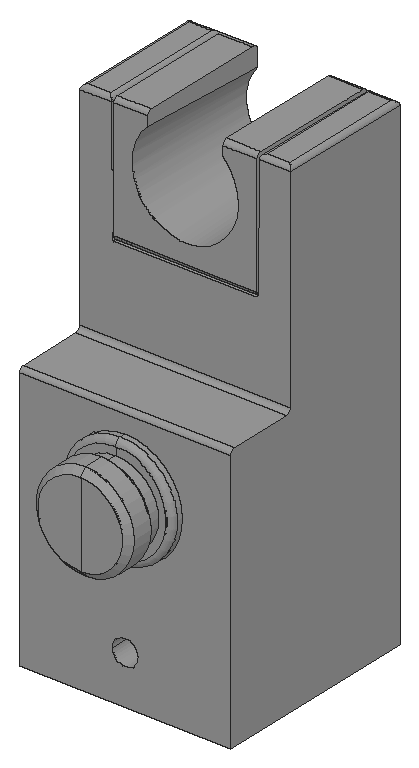
Revit family "Shower-Wall_Supply_Elbow-KOHLER-BEITOU-K-26310T", category Plumbing Fixtures, host Face, Revit 2017
Family settings
  Host = Face
  Round Connector Dimension = Use Diameter
  Part Type = Normal
  OmniClass Number = 23.31.17.00
  OmniClass Title = Showers
  Cut with Voids When Loaded = No
  Shared = No
  Room Calculation Point = No
Parameters (values of type "Not A Type - See Type Catalog")
  Width = 1.77165"  # constant formula
  WaterSense Certified = 1 = 0  # no
  Waste Water Outlet = "Waste Water Outlet"  # constant formula
  Waste Connection = 1 = 0  # no
  Vent Connection = 1 = 0  # no
  URL = "http://www.kohler.com.cn/"
  Type = 0
  Product Page URL = ""
  Product Name = "BEITOU\r\n"  # constant formula
  Product Documentation Link = ""
  Pressure = 0.00 psi
  Model = if(Type = 1, "K-26310T-CP", if(Type = 2, "K-26310T-2MB", if(Type = 3, "K-26310T-AF", if(Type = 4, "K-26310T-BL", if(Type = 5, "K-26310T-BN", if(Type = 6, "K-26310T-RGD", if(Type = 7, "K-26310T-SN", "NA")))))))  # "NA"
  Material = "Premium Metal Construction"  # constant formula
  Master Format 2014 Name = "Residential Showers"  # constant formula
  Master Format 2014 = "22 42 23"  # constant formula
  Manufacturer Address = "Kohler Beijing Office (100016) 36-2-03-B, No. 88, Liuxiang Road, Beijing"  # constant formula
  Manufacturer = "KOHLER Co."  # constant formula
  Length = 4.09449"  # constant formula
  Hot Water Inlet = "Hot Water Inlet"  # constant formula
  Height = 2.24409"  # constant formula
  HW Connection = 1 = 1  # yes
  Flow Rate = 0 GPM
  Finish = Default
  Environmental Product Declaration = ""
  Drain Included = 1 = 0  # no
  Description = "WALL SUPPLY"  # constant formula
  Default Elevation = 42"
  Declare Label = ""
  Date Modified = "02/09/2020"  # constant formula
  Date Created = "02/09/2020"  # constant formula
  Copyright = "Copyright KOHLER Co."  # constant formula
  Contact Us = "http://www.kohler.com.cn/contact/contact-us/"
  Cold Water Inlet = "Cold Water Inlet"  # constant formula
  CW Connection = 1 = 0  # no
  Assembly Code = "D2010700"
  ADA Compliant = 1 = 0  # no
Reference planes (in)
  plane 1 "Center (Front/Back)": y = 0
  plane 2: z = 0
  plane 3 "Center (Left/Right)": x = 0
  plane 4: x = -0.88583
  plane 5: x = 0.88583
  plane 6: y = -1.35792
  plane 7: y = -0.88548
  plane 8: y = -0.25556
  plane 9: y = 0.88617
  plane 10: z = 4.09449
  plane 11: z = 1.57874
  plane 12: z = 2.24135
  plane 13: z = 0.40945
Dimensions and locks (in)
  "Height": plane 9 to plane 6
  "Width": plane 4 to plane 5
  "Length": plane 10 to level
  plane 12 to level = 2.24135"
  plane 11 to level = 1.57874"
  plane 13 to level = 0.40945"
  aligned and locked: plane 2 to host face
  aligned and locked: level to host face
Automatic sketch dimensions
  host sketch curve to host sketch curve = 96"  (x2)
Nested families (in)
  nested 1: "K-26310T" at (0, 0, 0), type "K-26310T"
Connectors (in)
  piping at (0, 0, 0), diameter 0.5, driven by "Flow Rate", driven by "HW Connection", driven by "Hot Water Inlet"
    settings: on nested 1, index 1, connector inside diameter 24", connector length 0", flow factor 0, pipe flow 0 GPM, pressure drop 0.00 psi, fitting loss kfactor 0, connector angle 0.00°, fixture units 0, engagement length 0", angle of deflection 0.00°, flow configuration 0, flow direction 1, fitting loss method 0, system type 19, joint type 0, gender type 0, connector reference index -1, connector utility 1, adjustable connector no, is connector primary yes, connector description "Hot Water Inlet"
Definition of nested family "K-26310T"
  Parameters (values of type "K-26310T")
    Material = none
  Reference planes (in)
    plane 1 "Center (Front/Back)": y = 0
    plane 2: z = 0
    plane 3 "Center (Left/Right)": x = 0
    plane 4: y = 0.88617
    plane 5: y = -0.88548
    plane 6: y = -0.25556
    plane 7: y = -1.35792
    plane 8: z = 1.57874
    plane 9: z = 4.09449
    plane 10: z = 2.24135
    plane 11: x = -0.88583
    plane 12: x = 0.88583
    plane 13: z = 0.40945
  Forms (in)
    Extrusion 1, solid, material <- "Material", detail levels medium+fine
      sketch origin (0, 0, 0) x (0, 1, 0) y (0, 0, 1)
        loop
          line (0.8468, 4.09449) -> (-0.21619, 4.09449)
          arc (-0.21619, 4.09449) -> (-0.24403, 4.08296) -> (-0.25556, 4.05512) r 0.03937
          line (-0.25556, 4.05512) -> (-0.25556, 2.28312)
          arc (-0.25556, 2.28312) -> (-0.26697, 2.25541) -> (-0.29459, 2.24375) r 0.03937
          line (-0.29459, 2.24375) -> (-0.84646, 2.23894)
          arc (-0.84646, 2.23894) -> (-0.87407, 2.22729) -> (-0.88548, 2.19957) r 0.03937
          line (-0.88548, 2.19957) -> (-0.88548, 0) -> (0.88617, 0) -> (0.88617, 4.05512)
          arc (0.88617, 4.05512) -> (0.87464, 4.08296) -> (0.8468, 4.09449) r 0.03937
      from -0.88548 to 0.88548
    Extrusion 2, void
      sketch origin (0, 0, 0) x (1, 0, 0) y (0, 0, 1)
        loop
          line (0.61331, 3.03278) -> (0.62045, 4.05539)
          arc (0.62045, 4.05539) -> (0.63207, 4.08305) -> (0.65981, 4.09449) r 0.03937
          line (0.65981, 4.09449) -> (0.84611, 4.09449)
          arc (0.84611, 4.09449) -> (0.87395, 4.08296) -> (0.88548, 4.05512) r 0.03937
          line (0.88548, 4.05512) -> (0.88548, 2.85393) -> (0.99037, 2.85393) -> (0.99037, 4.17248) -> (-0.97814, 4.17248) -> (-0.97814, 2.85393) -> (-0.88548, 2.85393) -> (-0.88548, 4.05512)
          arc (-0.88548, 4.05512) -> (-0.87395, 4.08296) -> (-0.84611, 4.09449) r 0.03937
          line (-0.84611, 4.09449) -> (-0.65981, 4.09449)
          arc (-0.65981, 4.09449) -> (-0.63207, 4.08305) -> (-0.62045, 4.05539) r 0.03937
          line (-0.62045, 4.05539) -> (-0.61331, 3.03278)
          arc (-0.61331, 3.03278) -> (-0.60749, 3.01895) -> (-0.59362, 3.01323) r 0.01969
          line (-0.59362, 3.01323) -> (0.59362, 3.01323)
          arc (0.59362, 3.01323) -> (0.60749, 3.01895) -> (0.61331, 3.03278) r 0.01969
      from -1.16468 to 0.51147
    Extrusion 3, solid, material <- "Material", detail levels medium+fine
      sketch origin (0, 0, 0) x (0, 1, 0) y (0, 0, 1)
        loop
          line (-0.25556, 4.05512) -> (-0.25556, 3.05246)
          arc (-0.25556, 3.05246) -> (-0.25008, 3.03686) -> (-0.23604, 3.02812) r 0.02494
          arc (-0.23604, 3.02812) -> (-0.21674, 3.02035) -> (-0.20096, 3.00679) r 0.06389
          arc (-0.20096, 3.00679) -> (0.34919, 2.76686) -> (0.8722, 3.06128) r 0.67327
          arc (0.8722, 3.06128) -> (0.8826, 3.08297) -> (0.88617, 3.10676) r 0.081
          line (0.88617, 3.10676) -> (0.88617, 4.05512)
          arc (0.88617, 4.05512) -> (0.87464, 4.08296) -> (0.8468, 4.09449) r 0.03937
          line (0.8468, 4.09449) -> (-0.21619, 4.09449)
          arc (-0.21619, 4.09449) -> (-0.24403, 4.08296) -> (-0.25556, 4.05512) r 0.03937
      from -0.5976 to 0.60318
    Blend 4, void
      base sketch origin (0, 0, 0.00308) x (1, 0, 0) y (0, 0, 1)
        loop
          line (0.31775, 3.97513) -> (0.31775, 4.18728) -> (-0.31217, 4.18728) -> (-0.31217, 3.97513)
          arc (-0.31217, 3.97513) -> (0.00279, 3.20954) -> (0.31775, 3.97513) r 0.44758
      top sketch origin (0, 0, 0.00308) x (1, 0, 0) y (0, 0, 1)
        loop
          line (0.31775, 3.91681) -> (0.31775, 4.18728) -> (-0.31217, 4.18728) -> (-0.31217, 3.9168)
          arc (-0.31217, 3.9168) -> (0.00279, 3.24891) -> (0.31775, 3.91681) r 0.40821
      from 0.25556 to -0.88617
    Revolve 5, solid, material <- "Material", detail levels medium+fine
      sketch origin (0, 0, 0) x (0, 1, 0) y (0, 0, 1)
        loop
          line (-0.80551, 1.57874) -> (-0.80551, 2.05371) -> (-0.9329, 2.05371)
          arc (-0.9329, 2.05371) -> (-0.96897, 2.03877) -> (-0.98391, 2.0027) r 0.05101
          line (-0.98391, 2.0027) -> (-0.98391, 1.93307) -> (-1.07959, 1.93307) -> (-1.13482, 1.9883) -> (-1.30293, 1.9883) -> (-1.35792, 1.9333) -> (-1.35792, 1.57874) -> (-0.80551, 1.57874)
        axis (-0.80551, 1.57874) -> (-1.35792, 1.57874)
      angle from 0 to 360
    Extrusion 6, solid, material <- "Material", detail levels coarse
      sketch origin (0, 0, 0) x (0, 1, 0) y (0, 0, 1)
        loop
          line (0.88617, 4.09449) -> (-0.25556, 4.09449) -> (-0.25556, 2.24409) -> (-0.88548, 2.2386) -> (-0.88548, 0) -> (0.88617, 0) -> (0.88617, 4.09449)
      from -0.8762 to 0.8762
    Revolve 7, solid, material <- "Material", detail levels coarse
      sketch origin (0, 0, 0) x (0, 1, 0) y (0, 0, 1)
        loop
          line (-0.76737, 1.57874) -> (-0.76737, 2.04626) -> (-1.35792, 2.04626) -> (-1.35792, 1.57874) -> (-0.76737, 1.57874)
        axis (-0.76737, 1.57874) -> (-1.35792, 1.57874)
      angle from 0 to 360
    Extrusion 8, void
      sketch origin (0, 0, 0) x (1, 0, 0) y (0, 0, 1)
        loop
          circle (0, 0.40945) r 0.10889
      from 0.67783 to 1.13482
    Extrusion 9, solid, material <- "Material", detail levels medium+fine
      sketch origin (0, 0, 0) x (1, 0, 0) y (0, 1, 0)
        loop
          circle (0, 0) r 0.25
      from 0 to 0.08205
  Cuts and joins
    Extrusion 2, Extrusion 8 cuts Extrusion 1
    Blend 4, Extrusion 8 cuts Extrusion 3
    Extrusion 8 cuts Revolve 5
    joined: Extrusion 1, Extrusion 3, Revolve 5
    Blend 4 cuts Extrusion 6
    joined: Extrusion 6, Revolve 7
  Lines and regions (in)
    Masking region 1
      outline origin (0, 0, 0) x (1, 0, 0) y (0, 0, 1)
        loop
          line (-0.88548, 4.05512) -> (-0.88548, 0) -> (0.88548, 0) -> (0.88548, 4.05512)
          arc (0.88548, 4.05512) -> (0.87395, 4.08296) -> (0.84611, 4.09449) r 0.03937
          line (0.84611, 4.09449) -> (0.65981, 4.09449)
          arc (0.65981, 4.09449) -> (0.63207, 4.08305) -> (0.62045, 4.05539) r 0.03937
          line (0.62045, 4.05539) -> (0.61337, 3.04154)
          arc (0.61337, 3.04154) -> (0.60912, 3.02486) -> (0.5976, 3.01208) r 0.03587
          line (0.5976, 3.01208) -> (0.5976, 4.05512)
          arc (0.5976, 4.05512) -> (0.58607, 4.08296) -> (0.55823, 4.09449) r 0.03937
          line (0.55823, 4.09449) -> (0.35712, 4.09449)
          arc (0.35712, 4.09449) -> (0.32928, 4.08296) -> (0.31775, 4.05512) r 0.03937
          line (0.31775, 4.05512) -> (0.31775, 3.91676)
          arc (0.31775, 3.91676) -> (-0.00439, 3.25347) -> (-0.31217, 3.92354) r 0.40776
          line (-0.31217, 3.92354) -> (-0.31217, 4.05512)
          arc (-0.31217, 4.05512) -> (-0.3237, 4.08296) -> (-0.35154, 4.09449) r 0.03937
          line (-0.35154, 4.09449) -> (-0.55823, 4.09449)
          arc (-0.55823, 4.09449) -> (-0.58607, 4.08296) -> (-0.5976, 4.05512) r 0.03937
          line (-0.5976, 4.05512) -> (-0.5976, 3.01208)
          arc (-0.5976, 3.01208) -> (-0.60912, 3.02486) -> (-0.61337, 3.04154) r 0.03587
          line (-0.61337, 3.04154) -> (-0.62045, 4.05539)
          arc (-0.62045, 4.05539) -> (-0.63207, 4.08305) -> (-0.65981, 4.09449) r 0.03937
          line (-0.65981, 4.09449) -> (-0.84611, 4.09449)
          arc (-0.84611, 4.09449) -> (-0.87395, 4.08296) -> (-0.88548, 4.05512) r 0.03937
    Masking region 2
      outline origin (0, 0, 0) x (0, 1, 0) y (0, 0, 1)
        loop
          line (-1.35792, 1.9333) -> (-1.35792, 1.22418) -> (-1.30293, 1.16918) -> (-1.13482, 1.16918) -> (-1.07959, 1.22441) -> (-0.98391, 1.22441) -> (-0.98391, 1.15478)
          arc (-0.98391, 1.15478) -> (-0.96897, 1.11871) -> (-0.9329, 1.10377) r 0.05101
          line (-0.9329, 1.10377) -> (-0.88548, 1.10377) -> (-0.88548, 0) -> (0.88617, 0) -> (0.88617, 4.05512)
          arc (0.88617, 4.05512) -> (0.87464, 4.08296) -> (0.8468, 4.09449) r 0.03937
          line (0.8468, 4.09449) -> (-0.21619, 4.09449)
          arc (-0.21619, 4.09449) -> (-0.24403, 4.08296) -> (-0.25556, 4.05512) r 0.03937
          line (-0.25556, 4.05512) -> (-0.25556, 2.28716)
          arc (-0.25556, 2.28716) -> (-0.26898, 2.25476) -> (-0.30138, 2.24135) r 0.04581
          line (-0.30138, 2.24135) -> (-0.84611, 2.24135)
          arc (-0.84611, 2.24135) -> (-0.87395, 2.22981) -> (-0.88548, 2.20198) r 0.03937
          line (-0.88548, 2.20198) -> (-0.88548, 2.05371) -> (-0.9329, 2.05371)
          arc (-0.9329, 2.05371) -> (-0.96897, 2.03877) -> (-0.98391, 2.0027) r 0.05101
          line (-0.98391, 2.0027) -> (-0.98391, 1.93307) -> (-1.07959, 1.93307) -> (-1.13482, 1.9883) -> (-1.30293, 1.9883) -> (-1.35792, 1.9333)
    Masking region 3
      outline origin (0, 0, 0) x (1, 0, 0) y (0, 1, 0)
        loop
          arc (-0.8462, 0.88617) -> (-0.8741, 0.87454) -> (-0.88548, 0.84655) r 0.03928
          line (-0.88548, 0.84655) -> (-0.87071, -0.84646)
          arc (-0.87071, -0.84646) -> (-0.85905, -0.87407) -> (-0.83134, -0.88548) r 0.03937
          line (-0.83134, -0.88548) -> (-0.47441, -0.88548) -> (-0.47441, -0.93383)
          arc (-0.47441, -0.93383) -> (-0.45974, -0.96924) -> (-0.42433, -0.98391) r 0.05008
          line (-0.42433, -0.98391) -> (-0.35424, -0.98391) -> (-0.35424, -1.08149) -> (-0.40915, -1.1364) -> (-0.40915, -1.30428) -> (-0.3555, -1.35792) -> (0.3555, -1.35792) -> (0.40915, -1.30428) -> (0.40915, -1.1364) -> (0.35424, -1.08149) -> (0.35424, -0.98391) -> (0.42433, -0.98391)
          arc (0.42433, -0.98391) -> (0.45974, -0.96924) -> (0.47441, -0.93383) r 0.05008
          line (0.47441, -0.93383) -> (0.47441, -0.88548) -> (0.83134, -0.88548)
          arc (0.83134, -0.88548) -> (0.85905, -0.87407) -> (0.87071, -0.84646) r 0.03937
          line (0.87071, -0.84646) -> (0.88548, 0.84646)
          arc (0.88548, 0.84646) -> (0.87407, 0.87452) -> (0.84611, 0.88617) r 0.03937
          line (0.84611, 0.88617) -> (-0.8462, 0.88617)
    symbolic lines, detail levels medium+fine
      curve 1: line (0.59362, 0, 3.01323) -> (-0.5976, 0, 3.01323)
      curve 2: line (0.60318, 0, 3.08215) -> (-0.5976, 0, 3.08215)
      curve 3: line (0, -0.88548, 2.05371) -> (0, -0.88548, 1.10377)
      curve 4: line (0, -0.98391, 1.22441) -> (0, -0.98391, 1.93307)
      curve 5: line (0, -1.07959, 1.93307) -> (0, -1.07959, 1.22441)
      curve 6: line (0, -1.13482, 1.16918) -> (0, -1.13482, 1.9883)
      curve 7: line (0, -1.30293, 1.9883) -> (0, -1.30293, 1.16918)
      curve 8: line (0, -1.20284, 1.9883) -> (0, -1.15991, 1.16918)
      curve 9: line (0, -1.27267, 1.9883) -> (0, -1.22975, 1.16918)
      curve 10: line (-0.40915, -1.30428, 0) -> (0.40915, -1.30428, 0)
      curve 11: line (0.40915, -1.1364, 0) -> (-0.40915, -1.1364, 0)
      curve 12: line (-0.35424, -1.08149, 0) -> (0.35424, -1.08149, 0)
      curve 13: line (0.35424, -0.98391, 0) -> (-0.35424, -0.98391, 0)
      curve 14: line (-0.47441, -0.88548, 0) -> (0.47441, -0.88548, 0)
      curve 15: line (0.40915, -1.27432, 0) -> (-0.40915, -1.25316, 0)
      curve 16: line (0.40915, -1.18784, 0) -> (-0.40915, -1.16669, 0)
      curve 17: line (-0.31217, 0.84371, 0) -> (-0.31217, -0.2131, 0)
      curve 18: line (-0.5976, 0.8419, 0) -> (-0.5976, 0.29329, 0)
      curve 19: line (-0.62045, -0.21619, 0) -> (-0.62045, 0.31192, 0)
      curve 20: line (-0.85031, -0.25556, 0) -> (0.87586, -0.25556, 0)
      curve 21: arc (-0.87605, -0.23464, 0) -> (-0.8669, -0.24967, 0) -> (-0.85031, -0.25556, 0) r 0.02628
      curve 22: arc (-0.65143, -0.25556, 0) -> (-0.62912, -0.24124, 0) -> (-0.62045, -0.21619, 0) r 0.0405
      curve 23: arc (-0.5976, -0.21129, 0) -> (-0.58713, -0.24015, 0) -> (-0.56058, -0.25556, 0) r 0.04498
      curve 24: arc (-0.31217, -0.2131, 0) -> (-0.32261, -0.24115, 0) -> (-0.34885, -0.25556, 0) r 0.04292
      curve 25: arc (-0.62045, 0.8468, 0) -> (-0.63198, 0.87464, 0) -> (-0.65981, 0.88617, 0) r 0.03937
      curve 26: arc (-0.55853, 0.88617, 0) -> (-0.58644, 0.87143, 0) -> (-0.5976, 0.8419, 0) r 0.04461
      curve 27: arc (-0.35266, 0.88617, 0) -> (-0.32392, 0.87304, 0) -> (-0.31217, 0.84371, 0) r 0.04251
      curve 28: line (0.31217, 0.84371, 0) -> (0.31217, -0.2131, 0)
      curve 29: arc (0.87605, -0.23464, 0) -> (0.8669, -0.24967, 0) -> (0.85031, -0.25556, 0) r 0.02628
      curve 30: arc (0.65143, -0.25556, 0) -> (0.62912, -0.24124, 0) -> (0.62045, -0.21619, 0) r 0.0405
      curve 31: arc (0.5976, -0.21129, 0) -> (0.58713, -0.24015, 0) -> (0.56058, -0.25556, 0) r 0.04498
      curve 32: arc (0.31217, -0.2131, 0) -> (0.32261, -0.24115, 0) -> (0.34885, -0.25556, 0) r 0.04292
      curve 33: arc (0.62045, 0.8468, 0) -> (0.63198, 0.87464, 0) -> (0.65981, 0.88617, 0) r 0.03937
      curve 34: arc (0.55853, 0.88617, 0) -> (0.58644, 0.87143, 0) -> (0.5976, 0.8419, 0) r 0.04461
      curve 35: arc (0.35266, 0.88617, 0) -> (0.32392, 0.87304, 0) -> (0.31217, 0.84371, 0) r 0.04251
      curve 36: line (-0.5976, 0.29329, 0) -> (-0.5976, -0.21129, 0)
      curve 37: line (-0.62045, 0.31192, 0) -> (-0.62045, 0.8468, 0)
      curve 38: line (0.5976, 0.8419, 0) -> (0.5976, 0.23681, 0)
      curve 39: line (0.62045, -0.21619, 0) -> (0.62045, 0.28378, 0)
      curve 40: line (0.5976, 0.23681, 0) -> (0.5976, -0.21129, 0)
      curve 41: line (0.62045, 0.28378, 0) -> (0.62045, 0.8468, 0)
  Dimensions and locks (in)
    plane 9 to level = 4.09449"
    plane 8 to level = 1.57874"
    plane 10 to level = 2.24135"
    plane 4 to plane 7 = 2.24409"
    plane 4 to plane 5 = 1.77165"
    plane 4 to plane 6 = 1.14173"
    aligned and locked: plane 2 to level
Types in the file's own list only (7): name | Width | Type | Product Name | Model | Length | Height | Finish
  CP-Polished Chrome | 1 3/4" | 1 | "BEITOU" | "K-26310T-CP" | 4 1/8" | 2 1/4" | Kohler-Metal-CP-Polished_Chrome
  2MB-Vibrant Brushed Moderne Brass | 1 3/4" | 2 | "BEITOU" | "K-26310T-2MB" | 4 1/8" | 2 1/4" | Kohler-Metal-2MB-Vibrant_Brushed_Moderne_Brass
  AF-Flange Gold | 1 3/4" | 3 | "BEITOU" | "K-26310T-AF" | 4 1/8" | 2 1/4" | Kohler-Metal-AF-Flange_Gold
  BL-Matte Black | 1 3/4" | 4 | "BEITOU" | "K-26310T-BL" | 4 1/8" | 2 1/4" | Kohler-Metal-BL-Matte_Black
  BN-Roman Silver | 1 3/4" | 5 | "BEITOU" | "K-26310T-BN" | 4 1/8" | 2 1/4" | Kohler-Metal-BN-Roman_Silver
  RGD-Rose Gold | 1 3/4" | 6 | "BEITOU" | "K-26310T-RGD" | 4 1/8" | 2 1/4" | Kohler-Metal-RGD-Rose_Gold
  SN-Champagne Gold | 1 3/4" | 7 | "BEITOU" | "K-26310T-SN" | 4 1/8" | 2 1/4" | Kohler-Metal-SN-Champagne_Gold
